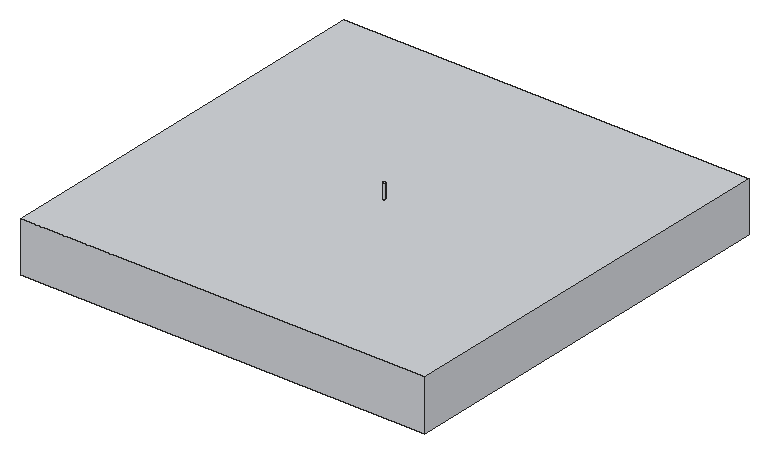
Revit family "M_Sprinkler - Seco - Pendente - Hospedado", category Sprinklers, Revit 2019
Family settings
  Hospedeiro = Face
  Manter orientação da anotação = Sim
  Cota do conector redondo = Usar raio
  Tipo de parte = Normal
  Número OmniClass = 23.65.70.17.11.24
  Título OmniClass = Fire Fighting Sprinkler Heads
  ID de item do Seek = Sprinkler - Dry - Pendent - Hosted-0000-CAN-ENU
  Corte com vazios quando carregada = Não
  Compartilhado = Não
  Ponto de cálculo do ambiente = Não
Parameters (values of type "Pendente seco de 15 mm")
  Classificação de temperatura = 57 °C
  Símbolo [instance] = M_Sprinkler - Símbolo - Pendente : Sprinkler - Símbolo - Pendente
  Resposta = Padrão
  Queda de pressão [instance] = 48300.0 Pa
  Classe de pressão = Padrão
  Tamanho do orifício = 13 mm
  Orifício = Padrão
  Fator-K = 81
  Fluxo [instance] = 2.0 L/s
  Diâmetro do escudete = Diâmetro nominal  # 15 mm
  Cobertura = Padrão
  Diâmetro nominal = Raio nominal * 2  # 15 mm
  Raio nominal = 7.5 mm
  Raio do escudete = 0.5 * Diâmetro do escudete  # 7.5 mm
  Protrusão = Comprimento total - CEL  # 85 mm
  Comprimento total = 98 mm
  Espessura do escudete = 3 mm
  Elevação-padrão = 2400 mm
  CEL = 13 mm
  Assembly Code = ""
Types (4, lengths in mm): name | Símbolo
  Pendente seco de 15 mm | M_Sprinkler - Símbolo - Pendente : Sprinkler - Símbolo - Pendente
  Pendente seco em gota de 15 mm | M_Sprinkler - Símbolo - Pendente em gota : Sprinkler - Símbolo - Pendente em gota
  Pendente seco em gota de 15 mm com proteção | M_Sprinkler - Símbolo - Pendente em gota com proteção : Sprinkler - Símbolo - Pendente em gota com proteção
  Pendente seco de 15 mm com proteção | M_Sprinkler - Símbolo - Pendente com protetor : Sprinkler - Símbolo - Pendente com proteção
Reference planes
  plane 1 "Centro (Frente/Trás)": y = 0
  plane 2: z = 0
  plane 3 "Centro (Esquerda/Direita)": x = 0
  plane 4: z = -13
  plane 5: z = 3
  plane 6: z = 85
  plane 7: z = 0
Forms (mm)
  Extrusion 1, solid
    sketch origin (0, 0, 0) x (1, 0, 0) y (0, 1, 0)
      loop
        line (-1219.2, 1219.2) -> (-1219.2, -1219.2) -> (1219.2, -1219.2) -> (1219.2, 1219.2) -> (-1219.2, 1219.2)
    from 0 to -304.8
  Extrusion 2, solid
    sketch origin (0, 0, 0) x (1, 0, 0) y (0, 1, 0)
      loop
        circle (0, 0) r 7.5
    from 0 to 85
  Extrusion 3, solid
    sketch origin (0, 0, 0) x (1, 0, 0) y (0, 1, 0)
      loop
        circle (0, 0) r 7.5
    from 0 to 3
Cuts and joins
  joined: Extrusion 2, Extrusion 3
Dimensions and locks
  "Espessura do escudete": plane 5 to level
  "Protrusão": plane 6 to level
  "Comprimento total": plane 6 to plane 4
  "CEL": plane 7 to plane 4
  "Raio nominal": radius of Extrusion 2 sketch curve
  "Raio do escudete": radius of Extrusion 3 sketch curve
  aligned and locked: plane 2 to Extrusion 1
  aligned and locked: level to Extrusion 1
  aligned and locked: Extrusion 3 to level
  aligned and locked: plane 5 to Extrusion 3
  aligned and locked: plane 6 to Extrusion 2
  aligned and locked: Extrusion 2 to plane 7
Automatic sketch dimensions
  Extrusion 2 sketch curve to plane 1 "Centro (Frente/Trás)" = 0 mm
  Extrusion 2 sketch curve to plane 3 "Centro (Esquerda/Direita)" = 0 mm
  Extrusion 3 sketch curve to plane 1 "Centro (Frente/Trás)" = 0 mm
  Extrusion 3 sketch curve to plane 3 "Centro (Esquerda/Direita)" = 0 mm
  Extrusion 1 sketch curve to Extrusion 1 sketch curve = 2438.4 mm  (x2)
Nested families
  nested 1: "M_Sprinkler - Símbolo - Pendente" at (0, 1.587, 0), type <- "Símbolo", type "Sprinkler - Símbolo - Pendente"
Connectors
  piping at (0, 0, 0), diameter 15, driven by "Fluxo", driven by "Raio nominal", driven by "Queda de pressão"
    settings: on cut or joined group of Extrusion 2, Extrusion 3, index 1, connector inside diameter 15 mm, connector length 0 mm, flow factor 0, pipe flow 2.0 L/s, pressure drop 48300.0 Pa, fitting loss kfactor 0, connector angle 0.00°, fixture units 0, engagement length 0 mm, angle of deflection 0.00°, flow configuration 1, flow direction 1, fitting loss method 4, system type 24, joint type 0, gender type 0, connector reference index -1, connector utility 0, adjustable connector no, is connector primary yes, connector description "In"
Definition of nested family "M_Sprinkler - Símbolo - Pendente"
  Parameters
    Raio do símbolo = 0.5 * Diâmetro do símbolo  # 1.5 mm
    Diâmetro do símbolo = 3 mm
  Reference planes
    plane 1: y = 0
    plane 2: x = 0
  Lines and regions (mm)
    detail lines
      curve 1: circle (0, 0, 0) r 1.5 normal (0, 0, 1)
  Dimensions and locks
    "Raio do símbolo": radius of curve 1
  Automatic sketch dimensions
    curve 1 to plane 1 = 0 mm
    curve 1 to plane 2 = 0 mm
